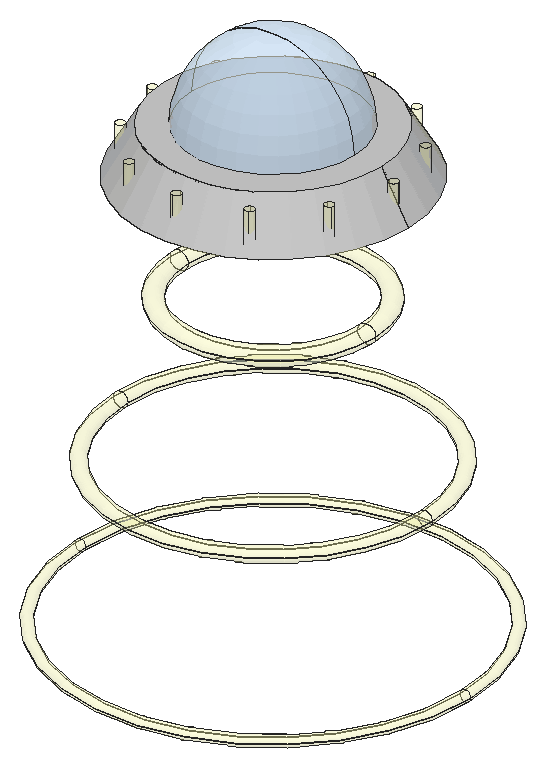
Revit family "UFO_unit", category Generic Models, Revit 2020
Family settings
  Can host rebar = No
  Round Connector Dimension = Use Diameter
  Part Type = Normal
  Work Plane-Based = Yes
  Always vertical = No
  Cut with Voids When Loaded = No
  Shared = No
  Room Calculation Point = No
Parameters
  show_beam [instance] = yes
  Default Elevation = 1219.2 mm
Reference planes
  plane 1 "Center (Front/Back)": y = 0
  plane 2: z = 0
  plane 3 "Center (Left/Right)": x = 0
Forms (mm)
  Blend 1, solid
    base sketch origin (0, 0, 0) x (1, 0, 0) y (0, 1, 0)
      loop
        circle (0, 0) r 1500
    top sketch origin (0, 0, 0) x (1, 0, 0) y (0, 1, 0)
      loop
        circle (0, 0) r 1200
    from 0 to 500
  Revolve 2, solid
    sketch origin (0, 0, 0) x (1, 0, 0) y (0, 0, 1)
      loop
        arc (900, 500) -> (636.396, 1136.396) -> (0, 1400) r 900
        line (0, 1400) -> (0, 500) -> (900, 500)
      axis (0, 1400) -> (0, 500)
    angle from 0 to 360
  Extrusion 3, solid
    sketch origin (-900, 0, 0) x (1, 0, 0) y (0, 1, 0)
      loop
        circle (2234.357, 0) r 50
    from 50 to 400
  Extrusion 4, solid
    sketch origin (-779.423, 450, 0) x (0.866025, -0.5, 0) y (0.5, 0.866025, 0)
      loop
        circle (2234.357, 0) r 50
    from 50 to 400
  Extrusion 5, solid
    sketch origin (-779.423, -450, 0) x (0.866025, 0.5, 0) y (-0.5, 0.866025, 0)
      loop
        circle (2234.357, 0) r 50
    from 50 to 400
  Extrusion 6, solid
    sketch origin (-450, -779.423, 0) x (0.5, 0.866025, 0) y (-0.866025, 0.5, 0)
      loop
        circle (2234.357, 0) r 50
    from 50 to 400
  Extrusion 7, solid
    sketch origin (0, -900, 0) x (0, 1, 0) y (-1, 0, 0)
      loop
        circle (2234.357, 0) r 50
    from 50 to 400
  Extrusion 8, solid
    sketch origin (450, -779.423, 0) x (-0.5, 0.866025, 0) y (-0.866025, -0.5, 0)
      loop
        circle (2234.357, 0) r 50
    from 50 to 400
  Extrusion 9, solid
    sketch origin (779.423, -450, 0) x (-0.866025, 0.5, 0) y (-0.5, -0.866025, 0)
      loop
        circle (2234.357, 0) r 50
    from 50 to 400
  Extrusion 10, solid
    sketch origin (900, 0, 0) x (-1, 0, 0) y (0, -1, 0)
      loop
        circle (2234.357, 0) r 50
    from 50 to 400
  Extrusion 11, solid
    sketch origin (779.423, 450, 0) x (-0.866025, -0.5, 0) y (0.5, -0.866025, 0)
      loop
        circle (2234.357, 0) r 50
    from 50 to 400
  Extrusion 12, solid
    sketch origin (450, 779.423, 0) x (-0.5, -0.866025, 0) y (0.866025, -0.5, 0)
      loop
        circle (2234.357, 0) r 50
    from 50 to 400
  Extrusion 13, solid
    sketch origin (0, 900, 0) x (0, -1, 0) y (1, 0, 0)
      loop
        circle (2234.357, 0) r 50
    from 50 to 400
  Extrusion 14, solid
    sketch origin (-450, 779.423, 0) x (0.5, -0.866025, 0) y (0.866025, 0.5, 0)
      loop
        circle (2234.357, 0) r 50
    from 50 to 400
  Sweep 15, solid, visible <- "show_beam"
    path in 3D
      loop
        arc (-500, 0, 0) -> (0, -500, 0) -> (500, 0, 0) r 500
        arc (500, 0, 0) -> (0, 500, 0) -> (-500, 0, 0) r 500
    profile "profile : DD" origin (0, 500, 0) x (0, -1, 0) y (0, 0, 1)
      loop
        circle (-1629.857, -4421.73) r 60
      loop
        circle (-1183.611, -2822.233) r 80
      loop
        circle (-537.701, -1215.914) r 100
Lines and regions (mm)
  reference lines
    curve 1: circle (0, 0, 0) r 500 normal (0, 0, 1)
  sketch lines
    curve 2: circle (0, 0, 0) r 500 normal (0, 0, 1)
Dimensions and locks
  aligned and locked: plane 2 to level
